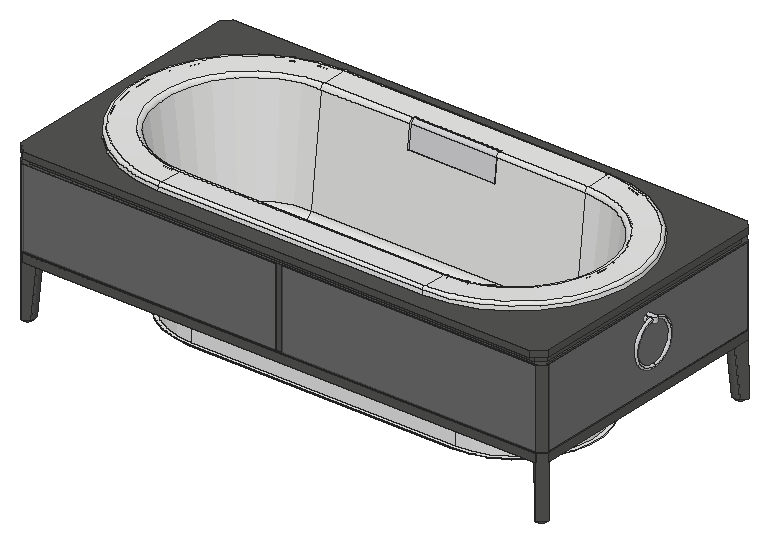
Revit family "Bath-Freestanding-KOHLER-MING-K-20194T_1", category Plumbing Fixtures, host Face, Revit 2017
Family settings
  Host = Face
  Round Connector Dimension = Use Diameter
  Part Type = Normal
  OmniClass Number = 23.31.15.00
  OmniClass Title = Bathtubs
  Cut with Voids When Loaded = No
  Shared = No
  Room Calculation Point = No
Parameters (values of type "0-White")
  Width = 70 111/128"  # constant formula
  WaterSense Certified = 1 = 0  # no
  Waste Water Outlet = "Waste Water Outlet"  # constant formula
  Waste Connection = 1 = 1  # yes
  Vent Connection = 1 = 0  # no
  URL = "http://www.kohler.com.cn/"
  Type = 1
  Product Page URL = "https://www.kohler.com.cn/product/20194T-0/20194T-0/"
  Product Name = "MING"  # constant formula
  Product Documentation Link = "https://files.kohler.com.cn/pdfs/1487841636108_RI-20194T-0.pdf"
  Model = "K-20194T-0"  # constant formula
  Material = "Cast Iron"  # constant formula
  Master Format 2014 Name = "Residential Bathtubs"  # constant formula
  Master Format 2014 = "22 41 19"  # constant formula
  Manufacturer Address = "Kohler Beijing Office (100016) 36-2-03-B, No. 88, Liuxiang Road, Beijing"  # constant formula
  Manufacturer = "KOHLER Co."  # constant formula
  Length = 35 53/64"  # constant formula
  Hot Water Inlet = "Hot Water Inlet"  # constant formula
  Height = 21 147/256"  # constant formula
  HW Connection = 1 = 0  # no
  Finish = KOHLER-Cast_Iron-0-White
  Environmental Product Declaration = ""
  Drain Included = 1 = 0  # no
  Description = "CAST IRON FREESTANDING BATH"  # constant formula
  Default Elevation = 0"
  Declare Label = ""
  Date Modified = "01/27/2021"  # constant formula
  Date Created = "01/27/2021"  # constant formula
  Copyright = "Copyright KOHLER Co."  # constant formula
  Contact Us = "http://www.kohler.com.cn/contact/contact-us/"
  Cold Water Inlet = "Cold Water Inlet"  # constant formula
  CW Connection = 1 = 0  # no
  Assembly Code = "D2010500"
  ADA Compliant = 1 = 0  # no
Reference planes (in)
  plane 1 "Center (Front/Back)": y = 0
  plane 2: z = 0
  plane 3 "Center (Left/Right)": x = 0
  plane 4: y = 17.91339
  plane 5: x = 35.43412
  plane 6: x = -35.43307
  plane 7: y = -17.91474
  plane 8: y = 15.94488
  plane 9: y = -15.55118
  plane 10: x = 33.46457
  plane 11: x = -33.46457
  plane 12: z = 21.57422
  plane 13: z = 4.84252
  plane 14: x = 36.77165
  plane 15: y = 0.19685
Dimensions and locks (in)
  "Width": plane 6 to plane 5
  "Length": plane 4 to plane 7
  plane 4 to plane 1 "Center (Front/Back)" to plane 7 = 17.91339", 17.91474"
  plane 11 to plane 10 = 66.92913"
  plane 6 to plane 3 "Center (Left/Right)" to plane 5 = 35.43307", 35.43412"
  "Height": level to plane 12
  level to plane 13 = 4.84252"
  plane 8 to plane 9 = 31.49606"
  plane 6 to plane 14 = 72.20472"
  aligned and locked: plane 2 to host face
  aligned and locked: level to host face
  aligned and locked: plane 3 "Center (Left/Right)" to nested 1
  aligned and locked: plane 1 "Center (Front/Back)" to nested 1
Automatic sketch dimensions
  host sketch curve to host sketch curve = 96"  (x2)
Nested families (in)
  nested 1: "K-20194T" at (0, 0.19685, 0), type "K-20194T"
Connectors (in)
  piping at (0, 0.19685, 4.84252), diameter 1.5, driven by "Waste Connection", driven by "Waste Water Outlet"
    settings: on nested 1, index 1, connector inside diameter 24", connector length 0", flow factor 0, pipe flow 0 GPM, pressure drop 0.00 psi, fitting loss kfactor 0, connector angle 0.00°, fixture units 0, engagement length 0", angle of deflection 0.00°, flow configuration 0, flow direction 2, fitting loss method 0, system type 16, joint type 0, gender type 0, connector reference index -1, connector utility 1, adjustable connector no, is connector primary yes, connector description "Waste Water Outlet"
Definition of nested family "K-20194T"
  Parameters (values of type "K-20194T")
    Material = none
  Reference planes (in)
    plane 1 "Center (Front/Back)": y = 0
    plane 2: z = 0
    plane 3 "Center (Left/Right)": x = 0
    plane 4: x = -35.43307
    plane 5: x = 35.43307
    plane 6: y = -18.11024
    plane 7: y = 17.71654
    plane 8: y = -15.74803
    plane 9: y = 15.74803
    plane 10: x = -33.46457
    plane 11: x = 33.46457
    plane 12: z = 21.5748
    plane 13: y = -0.19685
    plane 14: z = 4.84252
    plane 15: x = 36.77165
  Forms (in)
    Sweep 1, solid, material <- "Material", detail levels medium+fine
      path origin (0, 0, 0) x (1, 0, 0) y (0, 1, 0)
        loop
          line (17.71687, 15.74803) -> (-17.7164, 15.74803)
          arc (-17.7164, 15.74803) -> (-33.46443, 0) -> (-17.7164, -15.74803) r 15.74803
          line (-17.7164, -15.74803) -> (17.71687, -15.74803)
          arc (17.71687, -15.74803) -> (33.4649, 0) -> (17.71687, 15.74803) r 15.74803
      profile origin (0.00023, 15.74803, 0) x (0, -1, 0) y (0, 0, 1)
        loop
          line (3.63664, 21.46415) -> (0.4503, 21.57542)
          arc (0.4503, 21.57542) -> (0.17568, 21.47683) -> (0.04436, 21.21627) r 0.3937
          line (0.04436, 21.21627) -> (0, 20.70928) -> (0.33213, 20.70928) -> (0.35363, 20.88434)
          arc (0.35363, 20.88434) -> (0.48871, 21.13573) -> (0.75813, 21.22982) r 0.3937
          line (0.75813, 21.22982) -> (3.54726, 21.13242)
          arc (3.54726, 21.13242) -> (3.79917, 21.02953) -> (3.92418, 20.78784) r 0.3937
          line (3.92418, 20.78784) -> (5.94366, 4.64629) -> (6.23933, 4.64629) -> (6.32366, 5.44863)
          arc (6.32366, 5.44863) -> (6.45177, 5.70005) -> (6.7152, 5.80118) r 0.3937
          line (6.7152, 5.80118) -> (12.99213, 5.80118) -> (12.99213, 6.12303) -> (7.10306, 6.12303)
          arc (7.10306, 6.12303) -> (6.32157, 6.41854) -> (5.93113, 7.15719) r 1.1811
          line (5.93113, 7.15719) -> (4.20199, 20.94743)
          arc (4.20199, 20.94743) -> (4.01444, 21.30987) -> (3.63664, 21.46415) r 0.59055
    Extrusion 2, solid, material <- "Material", detail levels medium+fine
      sketch origin (0, 0, 0) x (1, 0, 0) y (0, 1, 0)
        loop
          arc (17.71687, -2.75591) -> (20.47278, 0) -> (17.71687, 2.75591) r 2.75591
          line (17.71687, 2.75591) -> (-17.7164, 2.75591)
          arc (-17.7164, 2.75591) -> (-20.47231, 0) -> (-17.7164, -2.75591) r 2.75591
          line (-17.7164, -2.75591) -> (17.71687, -2.75591)
      from 5.80118 to 6.12303
    Extrusion 3, solid, material <- "Material", detail levels medium+fine
      sketch origin (0, 0, 0) x (1, 0, 0) y (0, 1, 0)
        loop
          line (17.73153, 10.83742) -> (-17.51634, 10.83742)
          arc (-17.51634, 10.83742) -> (-28.27642, 0.07735) -> (-17.51634, -10.68273) r 10.76008
          line (-17.51634, -10.68273) -> (17.73153, -10.68273)
          arc (17.73153, -10.68273) -> (28.49161, 0.07735) -> (17.73153, 10.83742) r 10.76008
        loop
          arc (-17.7164, 9.80437) -> (-27.52077, 0) -> (-17.7164, -9.80437) r 9.80437
          line (-17.7164, -9.80437) -> (17.71687, -9.80437)
          arc (17.71687, -9.80437) -> (27.52124, 0) -> (17.71687, 9.80437) r 9.80437
          line (17.71687, 9.80437) -> (-17.7164, 9.80437)
      from 0 to 0.05906
    Extrusion 4, solid, detail levels medium+fine
      sketch origin (0, 0, 0) x (1, 0, 0) y (0, 1, 0)
        loop
          line (-35.4329, 16.73228) -> (-35.4329, -16.73228) -> (-34.05495, -18.11024) -> (34.05529, -18.11024) -> (35.43324, -16.73228) -> (35.43324, 16.73228) -> (34.44899, 17.71654) -> (-34.44865, 17.71654) -> (-35.4329, 16.73228)
        loop
          line (17.71687, 15.4159) -> (-17.7164, 15.4159)
          arc (-17.7164, 15.4159) -> (-33.1323, 0) -> (-17.7164, -15.4159) r 15.4159
          line (-17.7164, -15.4159) -> (17.71687, -15.4159)
          arc (17.71687, -15.4159) -> (33.13277, 0) -> (17.71687, 15.4159) r 15.4159
      from 19.92188 to 20.70928
    Extrusion 5, solid, detail levels medium+fine
      sketch origin (0, 0, 0) x (1, 0, 0) y (0, 1, 0)
        loop
          line (-34.84235, 16.14173) -> (-34.84235, -16.14173) -> (-33.8581, -17.12598) -> (33.85844, -17.12598) -> (34.84269, -16.14173) -> (34.84269, 16.14173) -> (33.85844, 17.12598) -> (-33.8581, 17.12598) -> (-34.84235, 16.14173)
        loop
          arc (-17.7164, 15.4159) -> (-33.1323, 0) -> (-17.7164, -15.4159) r 15.4159
          line (-17.7164, -15.4159) -> (17.71687, -15.4159)
          arc (17.71687, -15.4159) -> (33.13277, 0) -> (17.71687, 15.4159) r 15.4159
          line (17.71687, 15.4159) -> (-17.7164, 15.4159)
      from 18.93701 to 19.92188
    Extrusion 6, solid, detail levels medium+fine
      sketch origin (0, 0, 0) x (1, 0, 0) y (0, 1, 0)
        loop
          line (34.44899, 17.71654) -> (34.44899, 17.53031) -> (-34.44865, 17.53031) -> (-34.44865, 17.71654) -> (-35.4329, 16.73228) -> (-35.24668, 16.73228) -> (-35.24668, -16.73228) -> (-35.4329, -16.73228) -> (-34.44865, -17.71654) -> (-34.44865, -17.5305) -> (34.44899, -17.5305) -> (34.44899, -17.71654) -> (35.43324, -16.73228) -> (35.24702, -16.73228) -> (35.24702, 16.73228) -> (35.43324, 16.73228) -> (34.44899, 17.71654)
        loop
          line (33.22277, 15.57087) -> (-33.22243, 15.57087) -> (-33.22243, -15.57087) -> (33.22277, -15.57087) -> (33.22277, 15.57087)
      from 8.42582 to 18.93701
    Extrusion 7, solid, detail levels medium+fine
      sketch origin (0, 0, 0) x (0, 1, 0) y (0, 0, 1)
        loop
          arc (-16.15343, 6.59663) -> (-15.71926, 6.63653) -> (-15.50622, 7.01693) r 0.46819
          line (-15.50622, 7.01693) -> (-15.46933, 8.42582) -> (-17.5495, 8.42582) -> (-17.5495, 8.30709) -> (-17.71654, 8.30709) -> (-17.71654, 7.24409) -> (-16.15343, 6.59663)
      from -34.44865 to 34.44899
    Extrusion 8, solid, detail levels medium+fine
      sketch origin (0, 0, 0) x (0, -1, 0) y (0, 0, -1)
        loop
          line (-16.15343, -6.59663) -> (-17.71654, -7.24409) -> (-17.71654, -8.30709) -> (-17.59843, -8.30709) -> (-17.59843, -8.42582) -> (-15.46933, -8.42582) -> (-15.50622, -7.01693)
          arc (-15.50622, -7.01693) -> (-15.71926, -6.63653) -> (-16.15343, -6.59663) r 0.46819
      from -34.44865 to 34.44899
    Extrusion 9, solid, detail levels medium+fine
      sketch origin (0, 0, 0) x (1, 0, 0) y (0, 0, 1)
        loop
          arc (-33.86979, 6.59663) -> (-33.43563, 6.63653) -> (-33.22259, 7.01693) r 0.46819
          line (-33.22259, 7.01693) -> (-33.1857, 8.42582) -> (-35.31479, 8.42582) -> (-35.31479, 8.30709) -> (-35.4329, 8.30709) -> (-35.4329, 7.24409) -> (-33.86979, 6.59663)
      from -16.73775 to 16.73775
    Extrusion 10, solid, detail levels medium+fine
      sketch origin (0.24143, 0, 0) x (-1, 0, 0) y (0, 0, -1)
        loop
          line (-33.62871, -6.59663) -> (-35.19182, -7.24409) -> (-35.19182, -8.30709) -> (-35.07371, -8.30709) -> (-35.07371, -8.42582) -> (-32.94461, -8.42582) -> (-32.98151, -7.01693)
          arc (-32.98151, -7.01693) -> (-33.19454, -6.63653) -> (-33.62871, -6.59663) r 0.46819
      from -16.73775 to 16.73775
    Blend 11, solid, detail levels medium+fine
      base sketch origin (0, 0, 0) x (1, 0, 0) y (0, 1, 0)
        loop
          line (-35.4329, -16.73775) -> (-34.45411, -17.71654) -> (-33.79243, -17.05486)
          arc (-33.79243, -17.05486) -> (-33.79243, -16.07607) -> (-34.77122, -16.07607) r 0.69211
          line (-34.77122, -16.07607) -> (-35.4329, -16.73775)
      top sketch origin (0, 0, 0) x (1, 0, 0) y (0, 1, 0)
        loop
          arc (-33.27597, -16.53839) -> (-33.27719, -15.55254) -> (-34.26304, -15.55621) r 0.69624
          line (-34.26304, -15.55621) -> (-35.4329, -16.73775) -> (-34.45411, -17.71654) -> (-33.27597, -16.53839)
      from 0.19685 to 8.30709
    Blend 12, solid, detail levels medium+fine
      base sketch origin (0.00047, 0, 0) x (-1, 0, 0) y (0, -1, 0)
        loop
          line (-35.4329, 16.73775) -> (-34.77122, 16.07607)
          arc (-34.77122, 16.07607) -> (-33.79243, 16.07607) -> (-33.79243, 17.05486) r 0.69211
          line (-33.79243, 17.05486) -> (-34.45411, 17.71654) -> (-35.4329, 16.73775)
      top sketch origin (0.00047, 0, 0) x (-1, 0, 0) y (0, -1, 0)
        loop
          line (-33.27597, 16.53839) -> (-34.45411, 17.71654) -> (-35.4329, 16.73775) -> (-34.26304, 15.55621)
          arc (-34.26304, 15.55621) -> (-33.27719, 15.55254) -> (-33.27597, 16.53839) r 0.69624
      from 0.19685 to 8.30709
    Blend 13, solid, detail levels medium+fine
      base sketch origin (0, 0, 0) x (1, 0, 0) y (0, 1, 0)
        loop
          line (-35.4329, 16.73775) -> (-34.77122, 16.07607)
          arc (-34.77122, 16.07607) -> (-33.79243, 16.07607) -> (-33.79243, 17.05486) r 0.69211
          line (-33.79243, 17.05486) -> (-34.45411, 17.71654) -> (-35.4329, 16.73775)
      top sketch origin (0, 0, 0) x (1, 0, 0) y (0, 1, 0)
        loop
          line (-33.27597, 16.53839) -> (-34.45411, 17.71654) -> (-35.4329, 16.73775) -> (-34.26304, 15.55621)
          arc (-34.26304, 15.55621) -> (-33.27719, 15.55254) -> (-33.27597, 16.53839) r 0.69624
      from 0.19685 to 8.30709
    Blend 14, solid, detail levels medium+fine
      base sketch origin (0.00047, 0, 0) x (-1, 0, 0) y (0, -1, 0)
        loop
          line (-35.4329, -16.73775) -> (-34.45411, -17.71654) -> (-33.79243, -17.05486)
          arc (-33.79243, -17.05486) -> (-33.79243, -16.07607) -> (-34.77122, -16.07607) r 0.69211
          line (-34.77122, -16.07607) -> (-35.4329, -16.73775)
      top sketch origin (0.00047, 0, 0) x (-1, 0, 0) y (0, -1, 0)
        loop
          arc (-33.27597, -16.53839) -> (-33.27719, -15.55254) -> (-34.26304, -15.55621) r 0.69624
          line (-34.26304, -15.55621) -> (-35.4329, -16.73775) -> (-34.45411, -17.71654) -> (-33.27597, -16.53839)
      from 0.19685 to 8.30709
    Extrusion 15, solid, detail levels medium+fine
      sketch origin (0, 0, 0) x (1, 0, 0) y (0, 1, 0)
        loop
          circle (-34.44888, -16.73) r 0.68898
        loop
          circle (34.44922, -16.73) r 0.68898
        loop
          circle (-34.44888, 16.73) r 0.68898
        loop
          circle (34.44922, 16.73) r 0.68898
      from 0 to 0.19685
    Extrusion 16, solid, detail levels medium+fine
      sketch origin (0, 0, 0) x (0, 1, 0) y (0, 0, 1)
        loop
          line (12.25956, 17.99593) -> (12.60561, 20.81425)
          arc (12.60561, 20.81425) -> (12.71972, 21.04996) -> (12.95408, 21.16683) r 0.40565
          arc (12.95408, 21.16683) -> (12.62289, 21.36613) -> (12.24264, 21.43555) r 1.07612
          arc (12.24264, 21.43555) -> (11.85184, 21.28775) -> (11.65666, 20.91832) r 0.59055
          line (11.65666, 20.91832) -> (11.29222, 18.00542) -> (11.557, 17.33746) -> (12.14846, 17.79956)
          arc (12.14846, 17.79956) -> (12.22354, 17.88669) -> (12.25956, 17.99593) r 0.29478
      from -5.79007 to 5.81899
    Extrusion 17, void
      sketch origin (0, 0, 0.00615) x (0, 1, 0) y (0, 0, 1)
        loop
          line (12.18078, 21.13242) -> (12.4324, 21.14121) -> (12.4324, 21.53421) -> (11.2513, 21.53421) -> (10.52045, 18.09583) -> (11.45247, 17.97922) -> (11.80386, 20.78784)
          arc (11.80386, 20.78784) -> (11.92887, 21.02953) -> (12.18078, 21.13242) r 0.3937
      from -5.79007 to 5.81899
    Extrusion 18, solid, material <- "Material", detail levels medium+fine
      sketch origin (0, 0.05998, 0) x (1, 0, 0) y (0, 1, 0)
        loop
          line (-17.7164, -10.19807) -> (17.71687, -10.19807)
          arc (17.71687, -10.19807) -> (27.91494, 0) -> (17.71687, 10.19807) r 10.19807
          line (17.71687, 10.19807) -> (-17.7164, 10.19807)
          arc (-17.7164, 10.19807) -> (-27.91447, 0) -> (-17.7164, -10.19807) r 10.19807
        loop
          arc (-17.7164, 9.74439) -> (-27.52077, -0.05998) -> (-17.7164, -9.86435) r 9.80437
          line (-17.7164, -9.86435) -> (17.71687, -9.86435)
          arc (17.71687, -9.86435) -> (27.52124, -0.05998) -> (17.71687, 9.74439) r 9.80437
          line (17.71687, 9.74439) -> (-17.7164, 9.74439)
      from 0.05906 to 5.90551
    Extrusion 19, solid, detail levels coarse
      sketch origin (0, 0, 0) x (1, 0, 0) y (0, 1, 0)
        loop
          line (35.43324, 17.71654) -> (-35.4329, 17.71654) -> (-35.4329, -18.11024) -> (35.43324, -18.11024) -> (35.43324, 17.71654)
        loop
          line (17.71687, 15.4159) -> (-17.7164, 15.4159)
          arc (-17.7164, 15.4159) -> (-33.1323, 0) -> (-17.7164, -15.4159) r 15.4159
          line (-17.7164, -15.4159) -> (17.71687, -15.4159)
          arc (17.71687, -15.4159) -> (33.13277, 0) -> (17.71687, 15.4159) r 15.4159
      from 6.54484 to 20.70928
    Extrusion 20, solid, material <- "Material", detail levels coarse
      sketch origin (0, 0, 0) x (1, 0, 0) y (0, 1, 0)
        loop
          arc (17.71687, -15.74803) -> (33.4649, 0) -> (17.71687, 15.74803) r 15.74803
          line (17.71687, 15.74803) -> (-17.7164, 15.74803)
          arc (-17.7164, 15.74803) -> (-33.46443, 0) -> (-17.7164, -15.74803) r 15.74803
          line (-17.7164, -15.74803) -> (17.71687, -15.74803)
        loop
          line (17.57321, 12.08661) -> (-17.5688, 12.08661)
          arc (-17.5688, 12.08661) -> (-29.65541, 0) -> (-17.5688, -12.08661) r 12.08661
          line (-17.5688, -12.08661) -> (17.57321, -12.08661)
          arc (17.57321, -12.08661) -> (29.65982, 0) -> (17.57321, 12.08661) r 12.08661
      from 5.80104 to 21.57317
    Extrusion 21, solid, material <- "Material", detail levels coarse
      sketch origin (0, 0, 0) x (1, 0, 0) y (0, 1, 0)
        loop
          line (17.57321, 12.08661) -> (-17.5688, 12.08661)
          arc (-17.5688, 12.08661) -> (-29.65541, 0) -> (-17.5688, -12.08661) r 12.08661
          line (-17.5688, -12.08661) -> (17.57321, -12.08661)
          arc (17.57321, -12.08661) -> (29.65982, 0) -> (17.57321, 12.08661) r 12.08661
      from 5.80104 to 6.54484
    Extrusion 22, solid, detail levels coarse
      sketch origin (0, 0, 0) x (1, 0, 0) y (0, 1, 0)
        loop
          line (-33.90176, 15.20661) -> (-32.92298, 16.1854) -> (-34.45411, 17.71654) -> (-35.4329, 16.73775) -> (-33.90176, 15.20661)
        loop
          line (-33.90176, -15.20661) -> (-35.4329, -16.73775) -> (-34.45411, -17.71654) -> (-32.92298, -16.1854) -> (-33.90176, -15.20661)
        loop
          line (33.9021, 15.20661) -> (35.43324, 16.73775) -> (34.45445, 17.71654) -> (32.92332, 16.1854) -> (33.9021, 15.20661)
        loop
          line (33.9021, -15.20661) -> (32.92332, -16.1854) -> (34.45445, -17.71654) -> (35.43324, -16.73775) -> (33.9021, -15.20661)
      from 0 to 6.54484
    Extrusion 23, solid, material <- "Material", detail levels coarse
      sketch origin (0, 0, 0) x (1, 0, 0) y (0, 1, 0)
        loop
          arc (17.73153, -10.68273) -> (28.49161, 0.07735) -> (17.73153, 10.83742) r 10.76008
          line (17.73153, 10.83742) -> (-17.51634, 10.83742)
          arc (-17.51634, 10.83742) -> (-28.27642, 0.07735) -> (-17.51634, -10.68273) r 10.76008
          line (-17.51634, -10.68273) -> (17.73153, -10.68273)
        loop
          line (17.71687, 9.80437) -> (-17.7164, 9.80437)
          arc (-17.7164, 9.80437) -> (-27.52077, 0) -> (-17.7164, -9.80437) r 9.80437
          line (-17.7164, -9.80437) -> (17.71687, -9.80437)
          arc (17.71687, -9.80437) -> (27.52124, 0) -> (17.71687, 9.80437) r 9.80437
      from 0 to 5.80104
    Revolve 24, solid
      sketch origin (0, -0.19685, 0) x (1, 0, 0) y (0, 0, 1)
        loop
          line (35.43324, 16.77227) -> (35.83785, 16.77227) -> (35.83785, 17.31361) -> (35.43324, 17.31361) -> (35.43324, 16.77227)
        axis (35.43324, 17.31361) -> (35.83785, 17.31361)
      angle from 0 to 360
    Revolve 25, solid
      sketch origin (-0.48273, -0.19685, -2.62388) x (1, 0, 0) y (0, 0, 1)
        loop
          circle (36.71277, 14.45948) r 0.19685
        axis (36.90962, 17.31361) -> (36.51592, 17.31361)
      angle from 0 to 360
    Extrusion 26, solid
      sketch origin (0, -0.19685, 0) x (1, 0, 0) y (0, 1, 0)
        loop
          line (35.43324, 0.31496) -> (35.43324, -0.31496) -> (36.45664, -0.31496)
          arc (36.45664, -0.31496) -> (36.7716, 0) -> (36.45664, 0.31496) r 0.31496
          line (36.45664, 0.31496) -> (35.43324, 0.31496)
      from 17.24252 to 17.86433
    Extrusion 27, solid, detail levels medium+fine
      sketch origin (0, 0, 0) x (1, 0, 0) y (0, 0, 1)
        loop
          line (-34.44865, 8.42582) -> (-0.3937, 8.42582) -> (-0.3937, 18.93701) -> (-34.44865, 18.93701) -> (-34.44865, 8.42582)
        loop
          line (34.44899, 18.93701) -> (0.3937, 18.93701) -> (0.3937, 8.42582) -> (34.44899, 8.42582) -> (34.44899, 18.93701)
      from 17.5305 to 17.71654
    Extrusion 28, solid, detail levels medium+fine
      sketch origin (0, 0, 0) x (0, 1, 0) y (0, 0, 1)
        loop
          line (-16.73228, 8.42582) -> (16.73228, 8.42582) -> (16.73228, 18.93701) -> (-16.73228, 18.93701) -> (-16.73228, 8.42582)
      from 35.24702 to 35.43324
    Extrusion 29, solid, detail levels medium+fine
      sketch origin (0, 0, 0) x (1, 0, 0) y (0, 0, 1)
        loop
          line (34.44899, 18.93701) -> (-34.44865, 18.93701) -> (-34.44865, 8.42582) -> (34.44899, 8.42582) -> (34.44899, 18.93701)
      from -17.71654 to -17.53031
    Extrusion 30, solid, detail levels medium+fine
      sketch origin (0, 0, 0) x (0, 1, 0) y (0, 0, 1)
        loop
          line (16.73228, 18.93701) -> (-16.73228, 18.93701) -> (-16.73228, 8.42582) -> (16.73228, 8.42582) -> (16.73228, 18.93701)
      from -35.4329 to -35.24668
    Extrusion 31, void
      sketch origin (0, 0, 0) x (1, 0, 0) y (0, 0, 1)
        loop
          line (-0.3937, 18.93701) -> (-34.44865, 18.93701) -> (-34.44865, 8.42582) -> (-0.3937, 8.42582) -> (-0.3937, 18.93701)
        loop
          line (0.3937, 18.93701) -> (0.3937, 8.42582) -> (33.22277, 8.42582) -> (33.22277, 18.93701) -> (0.3937, 18.93701)
      from 17.71654 to 19.36051
    Extrusion 32, void
      sketch origin (0, 0, 0) x (0, 1, 0) y (0, 0, 1)
        loop
          line (16.73228, 18.93701) -> (-16.73228, 18.93701) -> (-16.73228, 8.42582) -> (16.73228, 8.42582) -> (16.73228, 18.93701)
      from 35.24702 to 40.17348
    Extrusion 33, void
      sketch origin (0.00047, 0, 0) x (0, 1, 0) y (0, 0, -1)
        loop
          line (16.73228, -18.93701) -> (16.73228, -8.42582) -> (-16.73228, -8.42582) -> (-16.73228, -18.93701) -> (16.73228, -18.93701)
      from 35.24715 to 38.53786
    Extrusion 34, void
      sketch origin (0, 0, 0) x (1, 0, 0) y (0, 0, 1)
        loop
          line (34.44899, 18.93701) -> (-34.44865, 18.93701) -> (-34.44865, 8.42582) -> (34.44899, 8.42582) -> (34.44899, 18.93701)
      from -20.39521 to -17.53031
    Extrusion 35, solid, detail levels coarse
      sketch origin (0, 0, 0) x (1, 0, 0) y (0, 0, 1)
        loop
          line (-34.44865, 18.93701) -> (-34.44865, 8.42582) -> (-0.3937, 8.42582) -> (-0.3937, 18.93701) -> (-34.44865, 18.93701)
        loop
          line (0.3937, 18.93701) -> (0.3937, 8.42582) -> (33.22277, 8.42582) -> (33.22277, 18.93701) -> (0.3937, 18.93701)
      from 17.5305 to 18.11024
    Extrusion 36, solid, detail levels coarse
      sketch origin (0, 0, 0) x (1, 0, 0) y (0, 0, 1)
        loop
          line (34.44899, 8.42582) -> (34.44899, 18.93701) -> (-34.44865, 18.93701) -> (-34.44865, 8.42582) -> (34.44899, 8.42582)
      from -17.71654 to -17.53031
    Extrusion 37, solid, detail levels coarse
      sketch origin (0, 0, 0) x (0, 1, 0) y (0, 0, 1)
        loop
          line (-16.73228, 18.93701) -> (-16.73228, 8.42582) -> (16.73228, 8.42582) -> (16.73228, 18.93701) -> (-16.73228, 18.93701)
      from 35.24702 to 35.43324
    Extrusion 38, solid, detail levels coarse
      sketch origin (0, 0, 0) x (0, 1, 0) y (0, 0, 1)
        loop
          line (16.73228, 8.42582) -> (16.73228, 18.93701) -> (-16.73228, 18.93701) -> (-16.73228, 8.42582) -> (16.73228, 8.42582)
      from -35.4329 to -35.24668
    Revolve 39, solid, detail levels medium+fine
      sketch origin (0, 0, 0) x (1, 0, 0) y (0, 0, 1)
        loop
          line (0.00017, 5.84763) -> (0.00017, 6.5541)
          arc (0.00017, 6.5541) -> (-0.31762, 6.53225) -> (-0.62942, 6.46708) r 2.321
          line (-0.62942, 6.46708) -> (-1.38923, 6.25295)
          arc (-1.38923, 6.25295) -> (-1.40938, 6.2392) -> (-1.41715, 6.21607) r 0.03832
          line (-1.41715, 6.21607) -> (-1.41715, 5.84763) -> (0.00017, 5.84763)
        axis (0.00017, 6.5541) -> (0.00017, 5.84763)
      angle from 0 to 360
    Extrusion 40, solid, detail levels medium+fine
      sketch origin (0, 0.19685, 0) x (1, 0, 0) y (0, 1, 0)
        loop
          circle (0, -0.19685) r 1.41749
      from 4.84252 to 5.84763
    Revolve 41, void
      sketch origin (0, 0, 0) x (1, 0, 0) y (0, 0, 1)
        loop
          line (0.00017, 5.84763) -> (0.00017, 6.12303) -> (-2.04903, 6.12303)
          arc (-2.04903, 6.12303) -> (-1.70438, 6.05119) -> (-1.41715, 5.84763) r 0.86258
          line (-1.41715, 5.84763) -> (0.00017, 5.84763)
        axis (0.00017, 6.12303) -> (0.00017, 5.84763)
      angle from 0 to 360
  Cuts and joins
    Extrusion 17, Revolve 41 cuts Sweep 1
    Revolve 41 cuts Extrusion 2
    Revolve 41 cuts Extrusion 3
    Revolve 41 cuts Extrusion 18
    joined: Sweep 1, Extrusion 2, Extrusion 3, Extrusion 18
    joined: Extrusion 4, Extrusion 5, Extrusion 7, Extrusion 8, Extrusion 9, Extrusion 10, Extrusion 15
    Revolve 41 cuts Extrusion 20
    Revolve 41 cuts Extrusion 21
    Revolve 41 cuts Extrusion 23
    joined: Extrusion 20, Extrusion 21, Extrusion 23
    Extrusion 31, Extrusion 32, Extrusion 33, Extrusion 34 cuts Extrusion 19
    joined: Extrusion 19, Extrusion 22
    joined: Revolve 24, Revolve 25, Extrusion 26
    Revolve 41 cuts Revolve 39
    Revolve 41 cuts Extrusion 40
  Lines and regions (in)
    Masking region 1
      outline origin (0, 0, 0) x (0, 1, 0) y (0, 0, 1)
        loop
          line (17.71654, 20.70928) -> (15.74803, 20.70928) -> (15.70375, 21.21542)
          arc (15.70375, 21.21542) -> (15.57753, 21.47137) -> (15.31155, 21.5748) r 0.3937
          line (15.31155, 21.5748) -> (-15.31155, 21.5748)
          arc (-15.31155, 21.5748) -> (-15.57753, 21.47137) -> (-15.70375, 21.21542) r 0.3937
          line (-15.70375, 21.21542) -> (-15.74803, 20.70928) -> (-18.11024, 20.70928) -> (-18.11024, 19.92188) -> (-17.12598, 19.92188) -> (-17.12598, 18.93701) -> (-17.71654, 18.93701) -> (-17.71654, 8.42582) -> (-17.5495, 8.42582) -> (-17.5495, 8.30709) -> (-17.71654, 8.30709) -> (-17.71654, 0.19685) -> (-17.41898, 0.19685) -> (-17.41898, 0) -> (-16.04103, 0) -> (-16.04103, 0.19685) -> (-15.84032, 0.19685) -> (-15.39264, 6.599) -> (-10.09272, 6.599) -> (-10.00476, 5.90551) -> (-10.10068, 5.90551) -> (-10.10068, 0.05906) -> (-10.69121, 0.05906) -> (-10.69121, 0) -> (10.84849, 0) -> (10.84849, 0.05906) -> (10.25794, 0.05906) -> (10.25794, 5.90551) -> (10.00476, 5.90551) -> (10.09272, 6.599) -> (15.39264, 6.599) -> (15.84032, 0.19685) -> (16.04103, 0.19685) -> (16.04103, 0) -> (17.41898, 0) -> (17.41898, 0.19685) -> (17.71654, 0.19685) -> (17.71654, 8.30709) -> (17.59843, 8.30709) -> (17.59843, 8.42582) -> (17.71654, 8.42582) -> (17.71654, 18.93701) -> (17.12598, 18.93701) -> (17.12598, 19.92188) -> (17.71654, 19.92188) -> (17.71654, 20.70928)
    Masking region 2
      outline origin (0, 0, 0) x (1, 0, 0) y (0, 1, 0)
        loop
          line (34.44899, 17.71654) -> (-34.44865, 17.71654) -> (-35.43307, 16.73211) -> (-35.43307, -16.73211) -> (-34.05495, -18.11024) -> (34.05529, -18.11024) -> (35.43307, -16.73245) -> (35.43307, -0.73819) -> (35.83785, -0.73819) -> (35.83785, -0.51181) -> (36.03446, -0.51181) -> (36.03446, -3.05147)
          arc (36.03446, -3.05147) -> (36.23116, -3.24817) -> (36.42786, -3.05147) r 0.1967
          line (36.42786, -3.05147) -> (36.42786, -0.51181) -> (36.45949, -0.51181)
          arc (36.45949, -0.51181) -> (36.77445, -0.19685) -> (36.45949, 0.11811) r 0.31496
          line (36.45949, 0.11811) -> (36.42789, 0.11811) -> (36.42789, 2.65777)
          arc (36.42789, 2.65777) -> (36.23116, 2.8545) -> (36.03443, 2.65777) r 0.19673
          line (36.03443, 2.65777) -> (36.03443, 0.11811) -> (35.83785, 0.11811) -> (35.83785, 0.34449) -> (35.43307, 0.34449) -> (35.43307, 16.73245) -> (34.44899, 17.71654)
    Masking region 3
      outline origin (0, 0, 0) x (1, 0, 0) y (0, 0, 1)
        loop
          line (-35.43307, 20.70928) -> (-35.43307, 19.92188) -> (-34.84235, 19.92188) -> (-34.84235, 18.93701) -> (-35.43307, 18.93701) -> (-35.43307, 8.42582) -> (-35.31479, 8.42582) -> (-35.31479, 8.30709) -> (-35.43307, 8.30709) -> (-35.43307, 0.19685) -> (-35.13786, 0.19685) -> (-35.13786, 0) -> (-33.75991, 0) -> (-33.75991, 0.19685) -> (-33.55635, 0.19685) -> (-33.09095, 6.599) -> (-24.42195, 6.599) -> (-24.35298, 5.90551) -> (-25.0125, 5.90551) -> (-25.0125, 0) -> (25.0125, 0) -> (25.0125, 5.90551) -> (24.35298, 5.90551) -> (24.42195, 6.599) -> (33.09095, 6.599) -> (33.55635, 0.19685) -> (33.75991, 0.19685) -> (33.75991, 0) -> (35.13786, 0) -> (35.13786, 0.19685) -> (35.43307, 0.19685) -> (35.43307, 8.30709) -> (35.31479, 8.30709) -> (35.31479, 8.42582) -> (35.43307, 8.42582) -> (35.43307, 16.77227) -> (35.83639, 16.77227) -> (35.83639, 17.24252) -> (36.03348, 17.24252) -> (36.03348, 11.83524)
          arc (36.03348, 11.83524) -> (36.23021, 11.63851) -> (36.42694, 11.83524) r 0.19673
          line (36.42694, 11.83524) -> (36.42694, 17.24252) -> (36.77165, 17.24252) -> (36.77165, 17.86433) -> (35.43307, 17.86433) -> (35.43307, 18.93701) -> (34.84235, 18.93701) -> (34.84235, 19.92188) -> (35.43307, 19.92188) -> (35.43307, 20.70928) -> (33.46443, 20.70928) -> (33.42015, 21.21542)
          arc (33.42015, 21.21542) -> (33.29393, 21.47137) -> (33.02795, 21.5748) r 0.3937
          line (33.02795, 21.5748) -> (-33.02795, 21.5748)
          arc (-33.02795, 21.5748) -> (-33.29393, 21.47137) -> (-33.42015, 21.21542) r 0.3937
          line (-33.42015, 21.21542) -> (-33.46443, 20.70928) -> (-35.43307, 20.70928)
    symbolic lines, detail levels medium+fine
      curve 1: line (0, 10.00476, 5.90551) -> (0, -10.00476, 5.90551)
      curve 2: line (0, 10.09272, 6.599) -> (0, -10.09272, 6.599)
      curve 3: line (0, 15.74803, 20.70928) -> (0, -15.74803, 20.70928)
      curve 4: line (0, -17.12598, 19.92188) -> (0, 17.12598, 19.92188)
      curve 5: line (0, 17.12598, 18.93701) -> (0, -17.12598, 18.93701)
      curve 6: line (0, -16.14173, 19.92188) -> (0, -16.14173, 18.93701)
      curve 7: line (0, -16.73228, 20.70928) -> (0, -16.73228, 19.92188)
      curve 8: line (0, -16.73228, 18.93701) -> (0, -16.73228, 0.19685)
      curve 9: line (0, -16.04103, 0.19685) -> (0, -17.41898, 0.19685)
      curve 10: line (0, 16.73228, 18.93701) -> (0, 16.73228, 0.19685)
      curve 11: line (0, 16.14173, 19.92188) -> (0, 16.14173, 18.93701)
      curve 12: line (0, 16.73228, 20.70928) -> (0, 16.73228, 19.92188)
      curve 13: line (0, 17.59843, 8.42582) -> (0, -17.5495, 8.42582)
      curve 14: line (0, 17.59843, 8.30709) -> (0, -17.5495, 8.30709)
      curve 15: line (0, 10.25805, 0.05906) -> (0, -10.10068, 0.05906)
      curve 16: line (0, 17.41898, 0.19685) -> (0, 16.04103, 0.19685)
      curve 17: line (0, 15.70375, 21.21542) -> (0, -15.70375, 21.21542)
      curve 18: line (-33.42015, 0, 21.21542) -> (33.42015, 0, 21.21542)
      curve 19: line (33.46443, 0, 20.70928) -> (-33.46443, 0, 20.70928)
      curve 20: line (-34.84235, 0, 19.92188) -> (34.84269, 0, 19.92188)
      curve 21: line (34.84235, 0, 18.93701) -> (-34.84235, 0, 18.93701)
      curve 22: line (-34.44865, 0, 18.93701) -> (-34.44865, 0, 0.19685)
      curve 23: line (-35.13786, 0, 0.19685) -> (-33.75991, 0, 0.19685)
      curve 24: line (35.31479, 0, 8.30709) -> (-35.31479, 0, 8.30709)
      curve 25: line (-33.8581, 0, 19.92188) -> (-33.8581, 0, 18.93701)
      curve 26: line (-34.05495, 0, 20.70928) -> (-34.05495, 0, 19.92188)
      curve 27: line (34.44865, 0, 18.93701) -> (34.44865, 0, 0.19685)
      curve 28: line (33.8581, 0, 19.92188) -> (33.8581, 0, 18.93701)
      curve 29: line (34.05495, 0, 20.70928) -> (34.05495, 0, 19.92188)
      curve 30: line (33.75991, 0, 0.19685) -> (35.1382, 0, 0.19685)
      curve 31: line (24.42195, 0, 6.599) -> (-24.42195, 0, 6.599)
      curve 32: line (-24.35298, 0, 5.90551) -> (24.35298, 0, 5.90551)
      curve 33: line (25.0125, 0, 0.05906) -> (-25.0125, 0, 0.05906)
      curve 34: line (-24.35298, 0, 5.90551) -> (-24.35298, 0, 0.05906)
      curve 35: line (24.35298, 0, 5.90551) -> (24.35298, 0, 0.05906)
      curve 36: line (-35.31479, 0, 8.42582) -> (35.31513, 0, 8.42582)
      curve 37: line (-34.44865, 0, 7.24409) -> (34.44865, 0, 7.24409)
      curve 38: line (-33.09095, 0, 6.599) -> (-34.44865, 0, 7.24409)
      curve 39: line (33.09095, 0, 6.599) -> (34.44865, 0, 7.24409)
      curve 40: line (0, 16.73228, 7.24409) -> (0, -16.73228, 7.24409)
      curve 41: line (0, -15.39264, 6.599) -> (0, -16.73228, 7.24409)
      curve 42: line (0, 15.39264, 6.599) -> (0, 16.73228, 7.24409)
      curve 49: line (20.10705, 11.61417, 0) -> (5.81899, 11.61417, 0)
      curve 50: line (-20.10705, -11.61417, 0) -> (20.10705, -11.61417, 0)
      curve 52: arc (-20.10705, 11.61417, 0) -> (-31.72123, 0, 0) -> (-20.10705, -11.61417, 0) r 11.61417
      curve 54: arc (20.10705, 11.61417, 0) -> (31.72123, 0, 0) -> (20.10705, -11.61417, 0) r 11.61417
      curve 55: line (17.82331, 9.64567, 0) -> (-17.82331, 9.64567, 0)
      curve 56: line (-17.82331, -9.64567, 0) -> (17.82331, -9.64567, 0)
      curve 57: line (17.82743, 9.05512, 0) -> (-17.82743, 9.05512, 0)
      curve 58: line (-17.82743, -9.05512, 0) -> (17.82743, -9.05512, 0)
      curve 59: arc (-17.82331, 9.64567, 0) -> (-27.46898, 0, 0) -> (-17.82331, -9.64567, 0) r 9.64567
      curve 60: arc (17.82331, 9.64567, 0) -> (27.46898, 0, 0) -> (17.82331, -9.64567, 0) r 9.64567
      curve 61: arc (17.82743, 9.05512, 0) -> (26.88255, 0, 0) -> (17.82743, -9.05512, 0) r 9.05512
      curve 62: arc (-17.7164, 15.43307, 0) -> (-33.14947, 0, 0) -> (-17.7164, -15.43307, 0) r 15.43307
      curve 63: line (17.71687, 15.43307, 0) -> (-17.7164, 15.43307, 0)
      curve 64: arc (17.71687, -15.43307, 0) -> (33.14994, 0, 0) -> (17.71687, 15.43307, 0) r 15.43307
      curve 65: line (-17.7164, -15.43307, 0) -> (17.71687, -15.43307, 0)
      curve 66: line (-17.7164, 15.74803, 0) -> (-17.7164, 11.61417, 0)
      curve 67: line (17.71687, 15.74803, 0) -> (17.71687, 11.61417, 0)
      curve 68: line (-17.7164, -15.74803, 0) -> (-17.7164, -11.61417, 0)
      curve 69: line (17.71687, -15.74803, 0) -> (17.71687, -11.61417, 0)
      curve 70: line (-17.69295, 9.05512, 0) -> (-17.69295, 9.64567, 0)
      curve 71: arc (-17.82743, 9.05512, 0) -> (-26.88255, 0, 0) -> (-17.82743, -9.05512, 0) r 9.05512
      curve 72: arc (-17.69295, 9.64567, 0) -> (-18.82591, 10.72079, 0) -> (-20.10705, 11.61417, 0) r 10.40335
      curve 73: line (-20.10705, 11.61417, 0) -> (-20.16208, 12.08661, 0)
      curve 74: line (-17.69295, -9.05512, 0) -> (-17.69295, -9.64567, 0)
      curve 75: arc (-17.69295, -9.64567, 0) -> (-18.82591, -10.72079, 0) -> (-20.10705, -11.61417, 0) r 10.40335
      curve 76: line (-20.10705, -11.61417, 0) -> (-20.16208, -12.08661, 0)
      curve 77: line (17.69295, 9.05512, 0) -> (17.69295, 9.64567, 0)
      curve 78: arc (17.69295, 9.64567, 0) -> (18.82591, 10.72079, 0) -> (20.10705, 11.61417, 0) r 10.40335
      curve 79: line (20.10705, 11.61417, 0) -> (20.16208, 12.08661, 0)
      curve 80: line (17.69295, -9.05512, 0) -> (17.69295, -9.64567, 0)
      curve 81: arc (17.69295, -9.64567, 0) -> (18.82591, -10.72079, 0) -> (20.10705, -11.61417, 0) r 10.40335
      curve 82: line (20.10705, -11.61417, 0) -> (20.16208, -12.08661, 0)
      curve 83: line (-5.39637, 12.95408, 0) -> (5.42529, 12.95408, 0)
      curve 84: line (-5.79007, 12.56038, 0) -> (-5.79007, 11.29703, 0)
      curve 85: line (5.81899, 11.29703, 0) -> (5.81899, 12.56038, 0)
      curve 86: line (5.70088, 11.17892, 0) -> (-5.67196, 11.17892, 0)
      curve 87: line (-5.59322, 11.29222, 0) -> (5.62214, 11.29222, 0)
      curve 88: arc (-5.79007, 12.56038, 0) -> (-5.67476, 12.83877, 0) -> (-5.39637, 12.95408, 0) r 0.3937
      curve 89: arc (5.42529, 12.95408, 0) -> (5.70368, 12.83877, 0) -> (5.81899, 12.56038, 0) r 0.3937
      curve 90: arc (-5.79007, 11.29703, 0) -> (-5.75548, 11.21351, 0) -> (-5.67196, 11.17892, 0) r 0.11811
      curve 91: arc (5.81899, 11.29703, 0) -> (5.7844, 11.21351, 0) -> (5.70088, 11.17892, 0) r 0.11811
      curve 93: line (-5.79007, 11.61417, 0) -> (-20.10705, 11.61417, 0)
      curve 94: line (-5.67196, 12.56038, 0) -> (-5.67196, 11.37096, 0)
      curve 95: arc (-5.39637, 12.83597, 0) -> (-5.59124, 12.75525, 0) -> (-5.67196, 12.56038, 0) r 0.27559
      curve 96: line (5.42529, 12.83597, 0) -> (-5.39637, 12.83597, 0)
      curve 97: arc (5.70088, 12.56038, 0) -> (5.62016, 12.75525, 0) -> (5.42529, 12.83597, 0) r 0.27559
      curve 98: line (5.70088, 11.37096, 0) -> (5.70088, 12.56038, 0)
      curve 99: arc (-5.67196, 11.37096, 0) -> (-5.6489, 11.31529, 0) -> (-5.59322, 11.29222, 0) r 0.07874
      curve 100: arc (5.62214, 11.29222, 0) -> (5.67782, 11.31529, 0) -> (5.70088, 11.37096, 0) r 0.07874
      curve 101: arc (5.81899, 12.56038, 0) -> (5.75993, 12.56519, 0) -> (5.70088, 12.56038, 0) r 0.36482
      curve 102: arc (5.42529, 12.83597, 0) -> (5.41696, 12.89503, 0) -> (5.42529, 12.95408, 0) r 0.21343
      curve 103: arc (-5.79025, 12.56038, 0) -> (-5.73119, 12.56519, 0) -> (-5.67214, 12.56038, 0) r 0.36482
      curve 104: arc (-5.39655, 12.83597, 0) -> (-5.38822, 12.89503, 0) -> (-5.39655, 12.95408, 0) r 0.21343
      curve 105: arc (-5.79007, 11.29703, 0) -> (-5.72729, 11.32804, 0) -> (-5.67196, 11.37096, 0) r 0.3489
      curve 106: arc (-5.59322, 11.29222, 0) -> (-5.63806, 11.23938, 0) -> (-5.67196, 11.17892, 0) r 0.36028
      curve 107: arc (5.81881, 11.29703, 0) -> (5.75603, 11.32804, 0) -> (5.7007, 11.37096, 0) r 0.3489
      curve 108: arc (5.62196, 11.29222, 0) -> (5.6668, 11.23938, 0) -> (5.7007, 11.17892, 0) r 0.36028
      curve 110: line (36.03446, 0.11811, 0) -> (36.42789, 0.11811, 0)
      curve 111: line (36.03446, -0.51181, 0) -> (36.42789, -0.51181, 0)
      curve 112: line (35.43307, 0.34449, 0) -> (35.43307, -0.73819, 0)
      curve 113: arc (0, -0.51181, 17.75389) -> (0, -0.52767, 17.74211) -> (0, -0.54308, 17.72975) r 0.54134
      curve 114: arc (0, -0.19685, 16.77227) -> (0, 0.18128, 16.92623) -> (0, 0.34433, 17.30053) r 0.54134
      curve 115: line (0, 0.11811, 17.86433) -> (0, -0.51181, 17.86433)
      curve 116: line (0, -0.51181, 17.86433) -> (0, -0.51181, 17.24252)
      curve 117: line (0, 0.11811, 17.24252) -> (0, 0.11811, 17.86433)
      curve 118: line (0, -0.51181, 17.24252) -> (0, 0.11811, 17.24252)
      curve 119: arc (0, -0.51181, 17.73316) -> (0, -0.19685, 11.64709) -> (0, 0.11811, 17.73316) r 3.05118
      curve 120: arc (0, -0.51181, 17.33748) -> (0, -0.19685, 12.04035) -> (0, 0.11811, 17.33748) r 2.65793
      curve 121: arc (0, 0.14938, 17.72975) -> (0, 0.13397, 17.74211) -> (0, 0.11811, 17.75389) r 0.54134
      curve 122: arc (0, -0.73803, 17.30053) -> (0, -0.57498, 16.92623) -> (0, -0.19685, 16.77227) r 0.54134
      curve 123: arc (36.03348, 0, 17.52643) -> (36.23021, 0, 17.72428) -> (36.42694, 0, 17.52643) r 0.19673
      curve 124: line (36.03348, 0, 17.52643) -> (36.03348, 0, 17.24252)
      curve 125: line (36.42694, 0, 17.52643) -> (36.42694, 0, 17.24252)
      curve 126: line (35.43307, 0, 17.86433) -> (35.43307, 0, 16.77227)
      curve 127: line (35.83639, 0, 17.24252) -> (35.83639, 0, 17.86433)
      curve 128: line (35.83785, 0.11811, 0) -> (35.83785, -0.51181, 0)
      curve 129: line (-0.3937, 0, 8.42582) -> (-0.3937, 0, 18.93701)
      curve 130: line (0.3937, 0, 8.42582) -> (0.3937, 0, 18.93701)
      curve 132: circle (0, 0, 0) r 1.41737 normal (0, 0, 1)
    symbolic lines
      curve 43: line (17.71687, 15.74803, 0) -> (-17.7164, 15.74803, 0)
      curve 44: line (17.71687, -15.74803, 0) -> (-17.7164, -15.74803, 0)
      curve 45: arc (-17.7164, 15.74803, 0) -> (-33.46443, 0, 0) -> (-17.7164, -15.74803, 0) r 15.74803
      curve 46: arc (17.71687, -15.74803, 0) -> (33.4649, 0, 0) -> (17.71687, 15.74803, 0) r 15.74803
      curve 47: line (20.16208, 12.08661, 0) -> (5.81899, 12.08661, 0)
      curve 48: line (-20.16208, -12.08661, 0) -> (20.16208, -12.08661, 0)
      curve 51: arc (-20.16208, 12.08661, 0) -> (-32.2487, 0, 0) -> (-20.16208, -12.08661, 0) r 12.08661
      curve 53: arc (20.16208, 12.08661, 0) -> (32.2487, 0, 0) -> (20.16208, -12.08661, 0) r 12.08661
      curve 92: line (-5.79007, 12.08661, 0) -> (-20.16208, 12.08661, 0)
      curve 131: circle (0, 0, 0) r 2.16535 normal (0, 0, 1)
    symbolic lines, detail levels coarse
      curve 109: line (-5.79007, 12.08661, 0) -> (5.81899, 12.08661, 0)
  Dimensions and locks (in)
    aligned and locked: plane 2 to level
